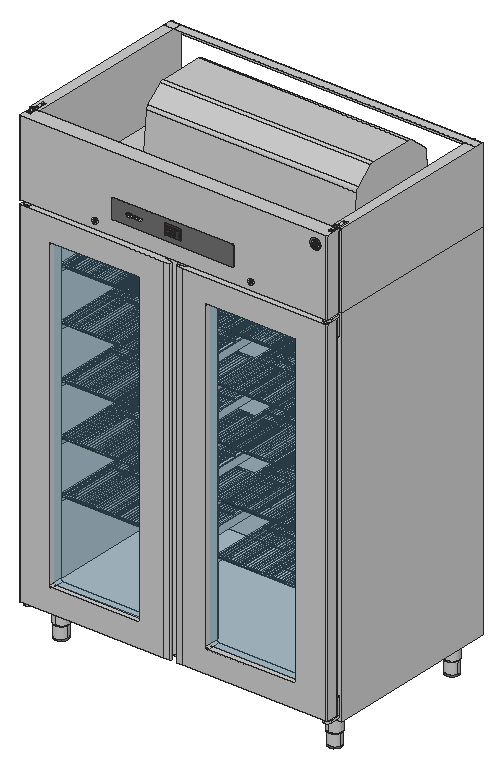
Revit family "QF_HOSHIZAKI_174141070", category Specialty Equipment, Revit 2016 (continued)
Definition of nested family "QF_HOSHIZAKI_174141070_230V_1Ph_50Hz"
  Forms (mm)
    Extrusion 90, solid
      sketch origin (750.141, -164.14, 855.988) x (1, 0, 0) y (0, 0, 1)
        loop
          circle (403.5, 4.5) r 1
        loop
          circle (416, 4.5) r 1
        loop
          circle (428.5, 4.5) r 1
        loop
          circle (441, 4.5) r 1
        loop
          circle (453.5, 4.5) r 1
        loop
          circle (466, 4.5) r 1
        loop
          circle (478.5, 4.5) r 1
        loop
          circle (491, 4.5) r 1
        loop
          circle (503.5, 4.5) r 1
        loop
          circle (516, 4.5) r 1
        loop
          circle (528.5, 4.5) r 1
        loop
          circle (541, 4.5) r 1
        loop
          circle (553.5, 4.5) r 1
      from 0 to 530
    Extrusion 91, solid
      sketch origin (757.141, -217.64, 855.988) x (0, 1, 0) y (0, 0, 1)
        loop
          circle (-211.5, 0) r 3.5
      from 0 to 555.754
    Sweep 92, solid
      path origin (757.141, -164.14, 1083.988) x (1, 0, 0) y (0, 1, 0)
        loop
          arc (11.859, 0) -> (3.373, -3.515) -> (-0.141, -12) r 12
          line (-0.141, -12) -> (-0.141, -518)
          arc (-0.141, -518) -> (3.373, -526.485) -> (11.859, -530) r 12
          line (11.859, -530) -> (543.859, -530)
          arc (543.859, -530) -> (552.344, -526.485) -> (555.859, -518) r 12
          line (555.859, -518) -> (555.859, -12)
          arc (555.859, -12) -> (552.344, -3.515) -> (543.859, 0) r 12
          line (543.859, 0) -> (11.859, 0)
      profile origin (1035, -164.14, 1083.988) x (0, 1, 0) y (0, 0, 1)
        loop
          circle (0, 0) r 3.5
    Extrusion 93, solid
      sketch origin (750.141, -164.14, 1083.988) x (1, 0, 0) y (0, 0, 1)
        loop
          circle (16, 4.5) r 1
        loop
          circle (28.5, 4.5) r 1
        loop
          circle (41, 4.5) r 1
        loop
          circle (53.5, 4.5) r 1
        loop
          circle (66, 4.5) r 1
        loop
          circle (78.5, 4.5) r 1
        loop
          circle (91, 4.5) r 1
        loop
          circle (103.5, 4.5) r 1
        loop
          circle (116, 4.5) r 1
        loop
          circle (128.5, 4.5) r 1
        loop
          circle (141, 4.5) r 1
        loop
          circle (153.5, 4.5) r 1
        loop
          circle (166, 4.5) r 1
        loop
          circle (178.5, 4.5) r 1
        loop
          circle (191, 4.5) r 1
        loop
          circle (203.5, 4.5) r 1
        loop
          circle (216, 4.5) r 1
        loop
          circle (228.5, 4.5) r 1
        loop
          circle (241, 4.5) r 1
        loop
          circle (253.5, 4.5) r 1
        loop
          circle (266, 4.5) r 1
        loop
          circle (278.5, 4.5) r 1
        loop
          circle (291, 4.5) r 1
        loop
          circle (303.5, 4.5) r 1
        loop
          circle (316, 4.5) r 1
        loop
          circle (328.5, 4.5) r 1
        loop
          circle (341, 4.5) r 1
        loop
          circle (353.5, 4.5) r 1
        loop
          circle (366, 4.5) r 1
        loop
          circle (378.5, 4.5) r 1
        loop
          circle (391, 4.5) r 1
        loop
          circle (403.5, 4.5) r 1
        loop
          circle (416, 4.5) r 1
        loop
          circle (428.5, 4.5) r 1
        loop
          circle (441, 4.5) r 1
        loop
          circle (453.5, 4.5) r 1
        loop
          circle (466, 4.5) r 1
        loop
          circle (478.5, 4.5) r 1
        loop
          circle (491, 4.5) r 1
        loop
          circle (503.5, 4.5) r 1
        loop
          circle (516, 4.5) r 1
        loop
          circle (528.5, 4.5) r 1
        loop
          circle (541, 4.5) r 1
        loop
          circle (553.5, 4.5) r 1
      from 0 to 530
    Extrusion 94, solid
      sketch origin (757.141, -217.64, 1083.988) x (0, 1, 0) y (0, 0, 1)
        loop
          circle (-211.5, 0) r 3.5
      from 0 to 555.754
    Extrusion 95, solid
      sketch origin (2358.773, -1377.354, 1034.629) x (1, 0, 0) y (0, 1, 0)
        loop
          line (-1608.773, 1140.914) -> (-1608.773, 1115.914) -> (-1603.773, 1125.914) -> (-1603.773, 1130.914) -> (-1608.773, 1140.914)
      from 227.371 to 252.977
    Extrusion 96, solid
      sketch origin (2358.773, -1737.354, 1034.629) x (1, 0, 0) y (0, 1, 0)
        loop
          line (-1608.773, 1140.914) -> (-1608.773, 1115.914) -> (-1603.773, 1125.914) -> (-1603.773, 1130.914) -> (-1608.773, 1140.914)
      from 227.371 to 252.977
    Extrusion 97, solid
      sketch origin (-288.773, -1377.354, 1034.629) x (-1, 0, 0) y (0, -1, 0)
        loop
          line (-1608.773, -1140.914) -> (-1603.773, -1130.914) -> (-1603.773, -1125.914) -> (-1608.773, -1115.914) -> (-1608.773, -1140.914)
      from 227.371 to 252.977
    Extrusion 98, solid
      sketch origin (-288.773, -1737.354, 1034.629) x (-1, 0, 0) y (0, -1, 0)
        loop
          line (-1608.773, -1140.914) -> (-1603.773, -1130.914) -> (-1603.773, -1125.914) -> (-1608.773, -1115.914) -> (-1608.773, -1140.914)
      from 227.371 to 252.977
    Sweep 99, solid
      path origin (757.141, -164.14, 1311.988) x (1, 0, 0) y (0, 1, 0)
        loop
          arc (11.859, 0) -> (3.373, -3.515) -> (-0.141, -12) r 12
          line (-0.141, -12) -> (-0.141, -518)
          arc (-0.141, -518) -> (3.373, -526.485) -> (11.859, -530) r 12
          line (11.859, -530) -> (543.859, -530)
          arc (543.859, -530) -> (552.344, -526.485) -> (555.859, -518) r 12
          line (555.859, -518) -> (555.859, -12)
          arc (555.859, -12) -> (552.344, -3.515) -> (543.859, 0) r 12
          line (543.859, 0) -> (11.859, 0)
      profile origin (1035, -164.14, 1311.988) x (0, 1, 0) y (0, 0, 1)
        loop
          circle (0, 0) r 3.5
    Extrusion 100, solid
      sketch origin (750.141, -164.14, 1311.988) x (1, 0, 0) y (0, 0, 1)
        loop
          circle (16, 4.5) r 1
        loop
          circle (28.5, 4.5) r 1
        loop
          circle (41, 4.5) r 1
        loop
          circle (53.5, 4.5) r 1
        loop
          circle (66, 4.5) r 1
        loop
          circle (78.5, 4.5) r 1
        loop
          circle (91, 4.5) r 1
        loop
          circle (103.5, 4.5) r 1
        loop
          circle (116, 4.5) r 1
        loop
          circle (128.5, 4.5) r 1
        loop
          circle (141, 4.5) r 1
        loop
          circle (153.5, 4.5) r 1
        loop
          circle (166, 4.5) r 1
        loop
          circle (178.5, 4.5) r 1
        loop
          circle (191, 4.5) r 1
        loop
          circle (203.5, 4.5) r 1
        loop
          circle (216, 4.5) r 1
        loop
          circle (228.5, 4.5) r 1
        loop
          circle (241, 4.5) r 1
        loop
          circle (253.5, 4.5) r 1
        loop
          circle (266, 4.5) r 1
        loop
          circle (278.5, 4.5) r 1
        loop
          circle (291, 4.5) r 1
        loop
          circle (303.5, 4.5) r 1
        loop
          circle (316, 4.5) r 1
        loop
          circle (328.5, 4.5) r 1
        loop
          circle (341, 4.5) r 1
        loop
          circle (353.5, 4.5) r 1
        loop
          circle (366, 4.5) r 1
        loop
          circle (378.5, 4.5) r 1
        loop
          circle (391, 4.5) r 1
        loop
          circle (403.5, 4.5) r 1
        loop
          circle (416, 4.5) r 1
        loop
          circle (428.5, 4.5) r 1
        loop
          circle (441, 4.5) r 1
        loop
          circle (453.5, 4.5) r 1
        loop
          circle (466, 4.5) r 1
        loop
          circle (478.5, 4.5) r 1
        loop
          circle (491, 4.5) r 1
        loop
          circle (503.5, 4.5) r 1
        loop
          circle (516, 4.5) r 1
        loop
          circle (528.5, 4.5) r 1
        loop
          circle (541, 4.5) r 1
        loop
          circle (553.5, 4.5) r 1
      from 0 to 530
    Extrusion 101, solid
      sketch origin (757.141, -217.64, 1311.988) x (0, 1, 0) y (0, 0, 1)
        loop
          circle (-211.5, 0) r 3.5
      from 0 to 555.754
    Extrusion 102, solid
      sketch origin (0, -676.6, 0) x (1, 0, 0) y (0, 0, 1)
        loop
          line (630, 1557.5) -> (630, 60) -> (750, 60) -> (750, 1557.5) -> (630, 1557.5)
      from 0 to 103.4
    Extrusion 103, void
      sketch origin (1668.773, -1377.354, 8.619) x (1, 0, 0) y (0, 1, 0)
        loop
          line (-1608.773, 637.848) -> (-1591.773, 637.848) -> (-1591.773, 665.582) -> (-1608.773, 637.848)
        loop
          line (-1608.773, 1258.581) -> (-1591.773, 1230.847) -> (-1591.773, 1258.581) -> (-1608.773, 1258.581)
      from 319.057 to 1342.987
    Extrusion 104, void
      sketch origin (-978.773, -1377.354, 8.619) x (-1, 0, 0) y (0, -1, 0)
        loop
          line (-1608.773, -637.848) -> (-1591.773, -665.582) -> (-1591.773, -637.848) -> (-1608.773, -637.848)
        loop
          line (-1608.773, -1258.581) -> (-1591.773, -1258.581) -> (-1591.773, -1230.847) -> (-1608.773, -1258.581)
      from 319.057 to 1342.987
    Extrusion 105, solid
      sketch origin (0, -45, 0) x (1, 0, 0) y (0, 0, 1)
        loop
          line (630, 1557.5) -> (630, 60) -> (750, 60) -> (750, 1557.5) -> (630, 1557.5)
      from 0 to 100
    Extrusion 106, solid
      sketch origin (690, -776.368, 27.1) x (-1, 0, 0) y (0, -1, 0)
        loop
          arc (15.05, 70.837) -> (10.76, 66.469) -> (14.252, 61.44) r 4.8
          line (14.252, 61.44) -> (49.72, 51.537)
          arc (49.72, 51.537) -> (52.315, 48.316) -> (50.434, 44.632) r 3.802
          line (50.434, 44.632) -> (17.104, 25.389)
          arc (17.104, 25.389) -> (14.867, 19.989) -> (19.504, 16.432) r 4.8
          line (19.504, 16.432) -> (41.953, 16.432) -> (51.84, 13.629) -> (674.821, 13.629)
          arc (674.821, 13.629) -> (678.483, 15.146) -> (680, 18.808) r 5.179
          line (680, 18.808) -> (680, 68.732)
          arc (680, 68.732) -> (678.565, 72.197) -> (675.1, 73.632) r 4.9
          line (675.1, 73.632) -> (42.09, 73.632) -> (15.05, 70.837)
      from 0 to 1570
    Extrusion 107, solid
      sketch origin (690, -814.997, 27.1) x (-1, 0, 0) y (0, 0, -1)
        loop
          line (637.933, -1555.343) -> (637.933, -14.657) -> (53.047, -14.657) -> (53.047, -1555.343) -> (637.933, -1555.343)
        loop
          line (73.047, -1535.343) -> (617.933, -1535.343) -> (617.933, -34.657) -> (73.047, -34.657) -> (73.047, -1535.343)
      from -34.997 to -25
    Extrusion 108, solid
      sketch origin (690, -776.368, 1597.1) x (-1, 0, 0) y (0, -1, 0)
        loop
          line (646.35, 3.632) -> (678.35, 3.632) -> (678.35, 45.629)
          arc (678.35, 45.629) -> (662.35, 61.629) -> (646.35, 45.629) r 16
          line (646.35, 45.629) -> (646.35, 3.632)
        loop
          circle (662.35, 45.629) r 5
      from 2.9 to 9.9
    Extrusion 109, solid
      sketch origin (690, -777.371, 27.1) x (0, 1, 0) y (0, 0, -1)
        loop
          line (-9.129, -1500.199) -> (-9.129, -1572.9) -> (-2.629, -1572.9) -> (-2.629, -1493.9) -> (-4.629, -1493.9) -> (-9.129, -1500.199)
      from 646.35 to 678.35
    Extrusion 110, solid
      sketch origin (690, -776.368, 1597.1) x (-1, 0, 0) y (0, -1, 0)
        loop
          circle (662.35, 45.629) r 16
      from 0 to 2.9
    Extrusion 111, solid
      sketch origin (690, -776.368, 1597.1) x (-1, 0, 0) y (0, -1, 0)
        loop
          circle (662.35, 45.629) r 5
      from 0 to 9.9
    Extrusion 112, solid
      sketch origin (690, -776.368, 25.1) x (-1, 0, 0) y (0, -1, 0)
        loop
          line (602.25, 32.879) -> (677.25, 32.879) -> (677.25, 58.379) -> (602.25, 58.379) -> (602.25, 32.879)
        loop
          circle (636.875, 45.629) r 5
        loop
          circle (611.525, 45.629) r 5
      from 0 to 2
    Extrusion 113, solid
      sketch origin (690, -776.368, 7.1) x (0, 1, 0) y (-1, 0, 0)
        loop
          line (-3.632, 646.35) -> (-3.632, 678.35) -> (-45.629, 678.35)
          arc (-45.629, 678.35) -> (-61.629, 662.35) -> (-45.629, 646.35) r 16
          line (-45.629, 646.35) -> (-3.632, 646.35)
        loop
          circle (-45.629, 662.35) r 5
      from 2.9 to 9.9
    Extrusion 114, solid
      sketch origin (690, -777.371, 1589.9) x (0, 1, 0) y (0, 0, -1)
        loop
          line (-9.129, 1500.199) -> (-4.629, 1493.9) -> (-2.629, 1493.9) -> (-2.629, 1572.9) -> (-9.129, 1572.9) -> (-9.129, 1500.199)
      from 646.35 to 678.35
    Extrusion 115, solid
      sketch origin (690, -776.368, 9) x (0, 1, 0) y (-1, 0, 0)
        loop
          circle (-45.629, 662.35) r 5
      from 0 to 16.1
    Extrusion 116, solid
      sketch origin (690, -825.005, 10) x (-1, 0, 0) y (0, 0, -1)
        loop
          arc (535, -1488.5) -> (542.071, -1485.571) -> (545, -1478.5) r 10
          line (545, -1478.5) -> (545, -128.48)
          arc (545, -128.48) -> (542.071, -121.409) -> (535, -118.48) r 10
          line (535, -118.48) -> (155, -118.48)
          arc (155, -118.48) -> (147.929, -121.409) -> (145, -128.48) r 10
          line (145, -128.48) -> (145, -1478.5)
          arc (145, -1478.5) -> (147.929, -1485.571) -> (155, -1488.5) r 10
          line (155, -1488.5) -> (535, -1488.5)
      from 0 to 5
    Extrusion 117, void
      sketch origin (690, -847, 10) x (-1, 0, 0) y (0, 0, -1)
        loop
          arc (535, -1488.5) -> (542.071, -1485.571) -> (545, -1478.5) r 10
          line (545, -1478.5) -> (545, -128.48)
          arc (545, -128.48) -> (542.071, -121.409) -> (535, -118.48) r 10
          line (535, -118.48) -> (155, -118.48)
          arc (155, -118.48) -> (147.929, -121.409) -> (145, -128.48) r 10
          line (145, -128.48) -> (145, -1478.5)
          arc (145, -1478.5) -> (147.929, -1485.571) -> (155, -1488.5) r 10
          line (155, -1488.5) -> (535, -1488.5)
      from -73.632 to 6.368
    Extrusion 118, solid
      sketch origin (690, -776.368, 27.1) x (1, 0, 0) y (0, 1, 0)
        loop
          line (15.05, -70.837) -> (42.09, -73.632) -> (675.1, -73.632)
          arc (675.1, -73.632) -> (678.565, -72.197) -> (680, -68.732) r 4.9
          line (680, -68.732) -> (680, -18.808)
          arc (680, -18.808) -> (678.483, -15.146) -> (674.821, -13.629) r 5.179
          line (674.821, -13.629) -> (51.84, -13.629) -> (41.953, -16.432) -> (19.504, -16.432)
          arc (19.504, -16.432) -> (14.867, -19.989) -> (17.104, -25.389) r 4.8
          line (17.104, -25.389) -> (50.434, -44.632)
          arc (50.434, -44.632) -> (52.315, -48.316) -> (49.72, -51.537) r 3.802
          line (49.72, -51.537) -> (14.252, -61.44)
          arc (14.252, -61.44) -> (10.76, -66.469) -> (15.05, -70.837) r 4.8
      from 0 to 1570
    Extrusion 119, solid
      sketch origin (690, -814.997, 27.1) x (1, 0, 0) y (0, 0, 1)
        loop
          line (637.933, 1555.343) -> (53.047, 1555.343) -> (53.047, 14.657) -> (637.933, 14.657) -> (637.933, 1555.343)
        loop
          line (73.047, 1535.343) -> (73.047, 34.657) -> (617.933, 34.657) -> (617.933, 1535.343) -> (73.047, 1535.343)
      from -34.997 to -25
    Extrusion 120, solid
      sketch origin (690, -776.368, 1597.1) x (1, 0, 0) y (0, 1, 0)
        loop
          line (646.35, -3.632) -> (646.35, -45.629)
          arc (646.35, -45.629) -> (662.35, -61.629) -> (678.35, -45.629) r 16
          line (678.35, -45.629) -> (678.35, -3.632) -> (646.35, -3.632)
        loop
          circle (662.35, -45.629) r 5
      from 2.9 to 9.9
    Extrusion 121, solid
      sketch origin (690, -777.371, 27.1) x (0, 1, 0) y (0, 0, 1)
        loop
          line (-9.129, 1500.199) -> (-4.629, 1493.9) -> (-2.629, 1493.9) -> (-2.629, 1572.9) -> (-9.129, 1572.9) -> (-9.129, 1500.199)
      from 646.35 to 678.35
    Extrusion 122, solid
      sketch origin (690, -776.368, 1597.1) x (1, 0, 0) y (0, 1, 0)
        loop
          circle (662.35, -45.629) r 16
      from 0 to 2.9
    Extrusion 123, solid
      sketch origin (690, -776.368, 1597.1) x (1, 0, 0) y (0, 1, 0)
        loop
          circle (662.35, -45.629) r 5
      from 0 to 9.9
    Extrusion 124, solid
      sketch origin (690, -776.368, 25.1) x (1, 0, 0) y (0, 1, 0)
        loop
          line (602.25, -32.879) -> (602.25, -58.379) -> (677.25, -58.379) -> (677.25, -32.879) -> (602.25, -32.879)
        loop
          circle (636.875, -45.629) r 5
        loop
          circle (611.525, -45.629) r 5
      from 0 to 2
    Extrusion 125, solid
      sketch origin (690, -776.368, 7.1) x (0, -1, 0) y (1, 0, 0)
        loop
          line (3.632, 646.35) -> (45.629, 646.35)
          arc (45.629, 646.35) -> (61.629, 662.35) -> (45.629, 678.35) r 16
          line (45.629, 678.35) -> (3.632, 678.35) -> (3.632, 646.35)
        loop
          circle (45.629, 662.35) r 5
      from 2.9 to 9.9
    Extrusion 126, solid
      sketch origin (690, -777.371, 1589.9) x (0, 1, 0) y (0, 0, 1)
        loop
          line (-9.129, -1500.199) -> (-9.129, -1572.9) -> (-2.629, -1572.9) -> (-2.629, -1493.9) -> (-4.629, -1493.9) -> (-9.129, -1500.199)
      from 646.35 to 678.35
    Extrusion 127, solid
      sketch origin (690, -776.368, 9) x (0, -1, 0) y (1, 0, 0)
        loop
          circle (45.629, 662.35) r 5
      from 0 to 16.1
    Extrusion 128, solid
      sketch origin (690, -825.005, 10) x (1, 0, 0) y (0, 0, 1)
        loop
          line (535, 1488.5) -> (155, 1488.5)
          arc (155, 1488.5) -> (147.929, 1485.571) -> (145, 1478.5) r 10
          line (145, 1478.5) -> (145, 128.48)
          arc (145, 128.48) -> (147.929, 121.409) -> (155, 118.48) r 10
          line (155, 118.48) -> (535, 118.48)
          arc (535, 118.48) -> (542.071, 121.409) -> (545, 128.48) r 10
          line (545, 128.48) -> (545, 1478.5)
          arc (545, 1478.5) -> (542.071, 1485.571) -> (535, 1488.5) r 10
      from 0 to 5
    Extrusion 129, void
      sketch origin (690, -847, 10) x (1, 0, 0) y (0, 0, 1)
        loop
          line (535, 1488.5) -> (155, 1488.5)
          arc (155, 1488.5) -> (147.929, 1485.571) -> (145, 1478.5) r 10
          line (145, 1478.5) -> (145, 128.48)
          arc (145, 128.48) -> (147.929, 121.409) -> (155, 118.48) r 10
          line (155, 118.48) -> (535, 118.48)
          arc (535, 118.48) -> (542.071, 121.409) -> (545, 128.48) r 10
          line (545, 128.48) -> (545, 1478.5)
          arc (545, 1478.5) -> (542.071, 1485.571) -> (535, 1488.5) r 10
      from -73.632 to 6.368
    Extrusion 130, solid, visible <- "Show Logo"
      sketch origin (1080.683, -849, -52.206) x (1, 0, 0) y (0, 0, 1)
        loop
          line (-574.302, 1788.729) -> (-583.131, 1788.729)
          arc (-583.131, 1788.729) -> (-589.303, 1787.599) -> (-594.673, 1784.355) r 17.416
          arc (-594.673, 1784.355) -> (-596.462, 1781.094) -> (-595.769, 1777.439) r 5.506
          arc (-595.769, 1777.439) -> (-593.146, 1774.866) -> (-589.587, 1773.956) r 7.07
          line (-589.587, 1773.956) -> (-587.25, 1773.956) -> (-588.248, 1771.34) -> (-581.613, 1771.34) -> (-580.432, 1773.956) -> (-571.398, 1773.956) -> (-569.064, 1779.592) -> (-566.746, 1773.956) -> (-559.715, 1773.956) -> (-557.728, 1776.29) -> (-552.838, 1776.29) -> (-551.953, 1773.956) -> (-545.563, 1773.956) -> (-543.121, 1779.778) -> (-540.707, 1773.914) -> (-533.897, 1779.586) -> (-536.239, 1773.956) -> (-530.603, 1773.956) -> (-526.429, 1784.233) -> (-531.941, 1784.233) -> (-537.329, 1779.747) -> (-539.135, 1784.233) -> (-544.054, 1784.233) -> (-547.268, 1776.58) -> (-550.408, 1784.233) -> (-554.271, 1784.233) -> (-561.118, 1776.477) -> (-561.995, 1776.477) -> (-562.958, 1778.877)
          arc (-562.958, 1778.877) -> (-561.217, 1779.568) -> (-560.011, 1781.001) r 3.84
          arc (-560.011, 1781.001) -> (-560.124, 1783.171) -> (-562.025, 1784.225) r 2.241
          line (-562.025, 1784.225) -> (-573.005, 1784.225) -> (-576.227, 1776.507) -> (-579.37, 1776.507) -> (-576.183, 1784.227) -> (-585.103, 1784.227) -> (-586.099, 1781.742) -> (-583.981, 1781.742) -> (-586.194, 1776.345)
          arc (-586.194, 1776.345) -> (-588.764, 1776.925) -> (-590.188, 1779.141) r 3.476
          arc (-590.188, 1779.141) -> (-590.046, 1780.636) -> (-589.587, 1782.064) r 6.962
          arc (-589.587, 1782.064) -> (-587.018, 1785.071) -> (-583.227, 1786.194) r 6.962
          line (-583.227, 1786.194) -> (-575.446, 1786.194) -> (-574.302, 1788.729)
        loop
          line (-568.201, 1781.677) -> (-568.99, 1779.771) -> (-567.006, 1779.771)
          arc (-567.006, 1779.771) -> (-565.95, 1780.209) -> (-565.513, 1781.264) r 1.493
          arc (-565.513, 1781.264) -> (-565.795, 1781.565) -> (-566.192, 1781.677) r 0.765
          line (-566.192, 1781.677) -> (-568.201, 1781.677)
        loop
          line (-554.482, 1780.63) -> (-556.797, 1778.007) -> (-553.488, 1778.007) -> (-554.482, 1780.63)
      from 0 to 2
    Extrusion 131, solid, visible <- "Show Clearance", detail levels coarse
      sketch origin (5.5, -780, 0) x (1, 0, 0) y (0, 1, 0)
        loop
          line (4.5, -70) -> (4.5, -740)
          arc (4.5, -740) -> (478.262, -543.762) -> (674.5, -70) r 670
          line (674.5, -70) -> (4.5, -70)
        loop
          line (1364.5, -70) -> (694.5, -70)
          arc (694.5, -70) -> (890.738, -543.762) -> (1364.5, -740) r 670
          line (1364.5, -740) -> (1364.5, -70)
      from 27.1 to 1597.1
  Cuts and joins
    Extrusion 117, Extrusion 129 cuts Extrusion 22
    Extrusion 117, Extrusion 129 cuts Extrusion 23
    joined: Extrusion 22, Extrusion 23
    Extrusion 103 cuts Extrusion 26
    Extrusion 104 cuts Extrusion 36
    Extrusion 27 cuts Extrusion 65
    Extrusion 37 cuts Extrusion 74
    Extrusion 117 cuts Extrusion 106
    Extrusion 129 cuts Extrusion 118
    Extrusion 17 cuts Revolve 16
    Extrusion 25 cuts Revolve 24
  Lines and regions (mm)
    symbolic lines
      curve 1: line (0, 0, 0) -> (0, -780, 0)
      curve 2: line (1380, -780, 0) -> (1380, 0, 0)
      curve 3: line (14.9, -850, 0) -> (1365.1, -850, 0)
      curve 4: line (1380, 0, 0) -> (0, 0, 0)
      curve 5: line (227.26, -436.998, 0) -> (1156.88, -436.998, 0)
      curve 6: line (1335, -37.01, 0) -> (1335, -780, 0)
      curve 7: line (45, -780, 0) -> (45, -37.01, 0)
      curve 8: line (0, -37.01, 0) -> (1380, -37.01, 0)
      curve 9: line (1380, -780, 0) -> (0, -780, 0)
      curve 10: line (1370, -845.1, 0) -> (1370, -781.2, 0)
      curve 11: arc (1365.1, -850, 0) -> (1368.565, -848.565, 0) -> (1370, -845.1, 0) r 4.9
      curve 12: arc (10, -845.1, 0) -> (11.435, -848.565, 0) -> (14.9, -850, 0) r 4.9
      curve 13: line (10, -781.2, 0) -> (10, -845.1, 0)
      curve 14: arc (11.2, -780, 0) -> (10.351, -780.351, 0) -> (10, -781.2, 0) r 1.2
      curve 15: arc (1370, -781.2, 0) -> (1369.649, -780.351, 0) -> (1368.8, -780, 0) r 1.2
      curve 16: line (227.26, -436.998, 0) -> (227.26, -37.01, 0)
      curve 17: line (1156.88, -436.998, 0) -> (1156.88, -37.01, 0)
    symbolic lines, visible <- "Show Clearance"
      curve 18: line (10, -850, 0) -> (10, -1520, 0)
      curve 19: arc (10, -1520, 0) -> (483.762, -1323.762, 0) -> (680, -850, 0) r 670
      curve 20: arc (700, -850, 0) -> (896.238, -1323.762, 0) -> (1370, -1520, 0) r 670
      curve 21: line (1370, -1520, 0) -> (1370, -850, 0)
  Dimensions and locks
    plane 4 "Right" to plane 3 "Left" = 1380 mm
    plane 6 "Top" to level = 1950 mm
    plane 3 "Left" to plane 4 "Right" = 1380 mm
    plane 5 "Front" to plane 1 "Back" = 850 mm
    plane 1 "Back" to plane 5 "Front" = 850 mm
    aligned and locked: level to plane 2
Definition of nested family "QF_HOSHIZAKI_PRE_ADV_LEGS"
  Parameters (values of type "760660118-1380X920")
    Weight [instance] = 0.00 kg
    URL Cutsheet [instance] = ""
    URL = "www.hoshizaki-europe.com"
    Status [instance] = ""
    Specification by User [instance] = ""
    Specification by Manufacturer [instance] = ""
    Serial Number [instance] = ""
    Seismic Rating [instance] = ""
    SMACNA No [instance] = ""
    Right offset = 85 mm
    Revision Code [instance] = ""
    Rear offset = 64 mm
    NAFEM Spec ID Number [instance] = ""
    Model = "L1"
    Masterspec [instance] = ""
    Manufacturer = "HOSHIZAKI"
    Length Actual [instance] = 1380 mm
    Left offset = 85 mm
    Item Number [instance] = ""
    Installed By [instance] = ""
    Identify Quantity as Lot [instance] = no
    Height Actual [instance] = 150 mm
    Furnished By [instance] = ""
    Front offset = 209 mm
    Foodservice Equipment Identifier [instance] = no
    Description = "SET OF STAINLESS LEGS 130-180 MM"
    Depth Actual [instance] = 920 mm
    Cost = 0
    CSI MasterFormat [instance] = ""
    Assembly Code = "E1090320"
    Accessory [instance] = yes
  Reference planes
    plane 1 "Back": y = 0
    plane 2: z = 0
    plane 3 "Left": x = 0
    plane 4 "Right": x = 1380
    plane 5 "Front": y = -920
    plane 6 "Top": z = 150
    plane 7 "Left offset": x = 85
    plane 8 "Right offset": x = 1295
    plane 9 "Rear offset": y = -64
    plane 10 "Front offset": y = -711
    plane 11 "Central": x = 690
  Dimensions and locks
    "Length Actual": plane 3 "Left" to plane 4 "Right"
    "Depth Actual": plane 5 "Front" to plane 1 "Back"
    "Left offset": plane 3 "Left" to plane 7 "Left offset"
    "Right offset": plane 8 "Right offset" to plane 4 "Right"
    "Rear offset": plane 9 "Rear offset" to plane 1 "Back"
    "Front offset": plane 10 "Front offset" to plane 5 "Front"
    "Height Actual": plane 6 "Top" to plane 2
    equal spacing: plane 7 "Left offset", plane 11 "Central", plane 8 "Right offset"
    aligned and locked: level to plane 2
    aligned and locked: nested 1 to plane 9 "Rear offset"
    aligned and locked: nested 2 to plane 9 "Rear offset"
    aligned and locked: nested 1 to plane 7 "Left offset"
    aligned and locked: nested 2 to plane 8 "Right offset"
    aligned and locked: nested 3 to plane 10 "Front offset"
    aligned and locked: nested 4 to plane 10 "Front offset"
    aligned and locked: nested 3 to plane 7 "Left offset"
    aligned and locked: nested 4 to plane 8 "Right offset"
  Nested families
    nested 1: "QF_LEGS" at (85, -64, 0), type "LEGS"
    nested 2: "QF_LEGS" at (1295, -64, 0), type "LEGS"
    nested 3: "QF_LEGS" at (85, -711, 0), type "LEGS"
    nested 4: "QF_LEGS" at (1295, -711, 0), type "LEGS"
  Definition of nested family "QF_LEGS"
    Parameters (values of type "LEGS")
      Height = 150 mm
    Reference planes
      plane 1 "Center (Front/Back)": y = 0
      plane 2: z = 0
      plane 3 "Center (Left/Right)": x = 0
      plane 4 "Top": z = 150
      plane 5: z = 147.5
    Forms (mm)
      Extrusion 1, solid
        sketch origin (0, 0, 150) x (0, 1, 0) y (-1, 0, 0)
          loop
            line (40, 40) -> (-40, 40) -> (-40, -40) -> (40, -40) -> (40, 40)
        from 0 to -2.5
      Extrusion 2, solid
        sketch origin (-199.986, 580, 0) x (1, 0, 0) y (0, 1, 0)
          loop
            circle (199.986, -580) r 28
        from 5 to 58
      Extrusion 3, solid
        sketch origin (-199.986, 580, 0) x (1, 0, 0) y (0, 1, 0)
          loop
            circle (199.986, -580) r 29
        from 0 to 5
      Revolve 4, solid
        sketch origin (0, 0, 0) x (0, 1, 0) y (0, 0, 1)
          loop
            line (0, 147.5) -> (-31.75, 147.5) -> (-31.75, 61.75)
            arc (-31.75, 61.75) -> (-30.652, 59.098) -> (-28, 58) r 3.75
            line (-28, 58) -> (0, 58) -> (0, 147.5)
          axis (0, 58) -> (0, 147.5)
        angle from 0 to 360
    Dimensions and locks
      "Height": plane 4 "Top" to plane 2
      locked: plane 4 "Top" to plane 5 at 2.5
      aligned and locked: level to plane 2
      aligned and locked: Revolve 4 sketch curve to plane 1 "Center (Front/Back)"
      aligned and locked: Extrusion 1 to plane 5
      aligned and locked: Revolve 4 sketch curve to plane 5
    Automatic sketch dimensions
      plane 1 "Center (Front/Back)" to Extrusion 1 sketch curve = 40 mm
      Extrusion 1 sketch curve to plane 1 "Center (Front/Back)" = 40 mm
      plane 3 "Center (Left/Right)" to Extrusion 1 sketch curve = 40 mm
      Extrusion 1 sketch curve to plane 3 "Center (Left/Right)" = 40 mm
      plane 1 "Center (Front/Back)" to Extrusion 2 sketch curve = 0 mm
      Extrusion 2 sketch curve to plane 3 "Center (Left/Right)" = 0 mm
      plane 1 "Center (Front/Back)" to Extrusion 3 sketch curve = 0 mm
      Extrusion 3 sketch curve to plane 3 "Center (Left/Right)" = 0 mm
      Revolve 4 sketch curve to plane 1 "Center (Front/Back)" = 0 mm
      Revolve 4 sketch curve to plane 5 = 0 mm
      plane 1 "Center (Front/Back)" to Revolve 4 sketch curve = 28 mm
      level to Revolve 4 sketch curve = 61.75 mm
      Revolve 4 sketch curve to Revolve 4 sketch curve = 3.75 mm
      Revolve 4 sketch curve to Revolve 4 sketch curve = 28 mm
      radius of Extrusion 2 sketch curve = 28 mm
      radius of Extrusion 3 sketch curve = 29 mm
